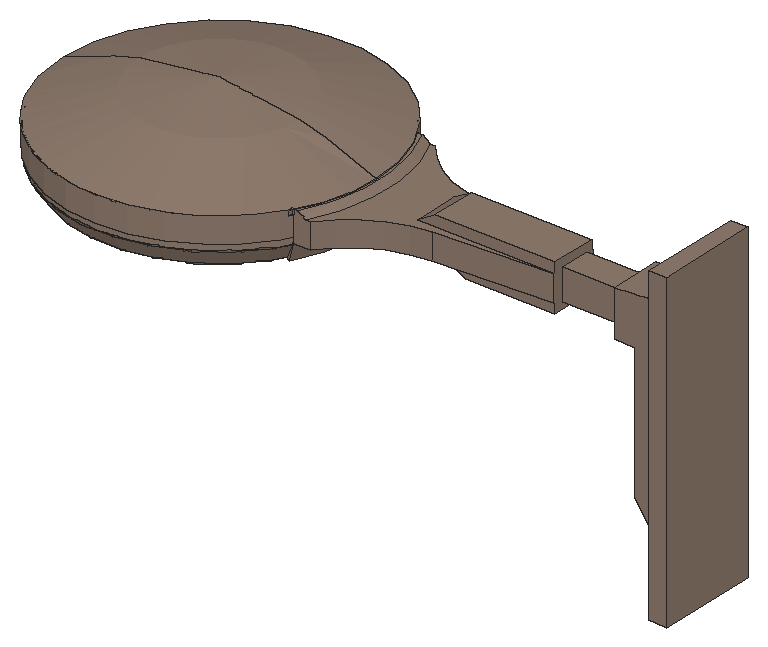
Revit family "LA6322", category Generic Models, Revit 2014
Parameters
  ARM = Bronze, Architectural
Reference planes (in)
  plane 1 "Center (Front/Back)": y = 0
  plane 2: z = 0
  plane 3 "Center (Left/Right)": x = 0
  plane 4: y = 2.5
  plane 5: y = -2.5
Forms (in)
  Extrusion 1, solid, material "Bronze, Architectural" <- "ARM"
    sketch origin (70.67767, 0, 2.66751) x (1, 0, 0) y (0, 0, 1)
      loop
        line (-71.55232, 29.68811) -> (-74.21247, 29.51077) -> (-74.21247, 27.26214) -> (-73.21247, 27.21848) -> (-73.21247, 20.69964) -> (-71.55232, 18.21655) -> (-71.55232, 29.68811)
    from -1.25 to 1.25
  Extrusion 2, solid, material "Bronze, Architectural" <- "ARM"
    sketch origin (0.65977, 0, 15.80466) x (1, 0, 0) y (0, 0, 1)
      loop
        line (-7.77211, 16) -> (-7.77211, 14.5) -> (-3.19457, 14.5) -> (-3.19457, 16) -> (-7.77211, 16)
    from -0.75 to 0.75
  Revolve 3, solid, material "Bronze, Architectural" <- "ARM"
    sketch origin (-23.83419, 0, 24.38728) x (1, 0, 0) y (0, 0, 1)
      loop
        line (-5.425, 6.4028) -> (-5.425, 6.49655) -> (-5.80738, 6.49655)
        arc (-5.80738, 6.49655) -> (-5.89247, 6.46739) -> (-5.9418, 6.39217) r 0.13875
        line (-5.9418, 6.39217) -> (-6.24114, 5.47927) -> (-6.50402, 5.47927) -> (-6.64233, 5.13679) -> (-6.85623, 5.13679) -> (-7.3981, 5.94004) -> (-7.3981, 6.88032) -> (-7.49185, 6.88032) -> (-7.49185, 5.94841)
        arc (-7.49185, 5.94841) -> (-7.48521, 5.91097) -> (-7.46853, 5.87681) r 0.1369
        line (-7.46853, 5.87681) -> (-6.92466, 5.07059)
        arc (-6.92466, 5.07059) -> (-6.90219, 5.05036) -> (-6.87285, 5.04304) r 0.0625
        line (-6.87285, 5.04304) -> (-6.62125, 5.04304)
        arc (-6.62125, 5.04304) -> (-6.5863, 5.05373) -> (-6.5633, 5.08214) r 0.0625
        line (-6.5633, 5.08214) -> (-6.44078, 5.38552) -> (-6.17322, 5.38552) -> (-5.85148, 6.36674)
        arc (-5.85148, 6.36674) -> (-5.83586, 6.39264) -> (-5.80738, 6.4028) r 0.045
        line (-5.80738, 6.4028) -> (-5.425, 6.4028)
      axis (0.02821, 6.88032) -> (0.02821, 5.04304)
    angle from 0 to 360
  Revolve 4, solid, material "Bronze, Architectural" <- "ARM"
    sketch origin (-23.83419, 0, 24.60994) x (1, 0, 0) y (0, 0, 1)
      loop
        line (-7.59911, 7.31982) -> (-7.59911, 6.06972) -> (-7.50536, 6.06972) -> (-7.50536, 7.25888)
        arc (-7.50536, 7.25888) -> (-3.82095, 8.49721) -> (0.02821, 9.03781) r 21.07404
        line (0.02821, 9.03781) -> (0.02821, 9.13167)
        arc (0.02821, 9.13167) -> (-3.87006, 8.58192) -> (-7.59911, 7.31982) r 21.16779
      axis (0.02821, 9.13167) -> (0.02821, 6.06972)
    angle from 0 to 360
  Extrusion 5, solid, material "Bronze, Architectural" <- "ARM"
    sketch origin (7.10017, 38.86475, 44.23645) x (0, -1, 0) y (1, 0, 0)
      loop
        line (40.0593, -13.63532) -> (37.6702, -13.63532) -> (37.30991, -19.31715)
        arc (37.30991, -19.31715) -> (36.64515, -21.62635) -> (35.0711, -23.44201) r 5.58123
        line (35.0711, -23.44201) -> (35.0711, -24.26409)
        arc (35.0711, -24.26409) -> (38.86475, -23.27103) -> (42.6584, -24.26409) r 7.74273
        line (42.6584, -24.26409) -> (42.6584, -23.44201)
        arc (42.6584, -23.44201) -> (41.08435, -21.62635) -> (40.41959, -19.31715) r 5.58123
        line (40.41959, -19.31715) -> (40.0593, -13.63532)
    from -13.80679 to -12.55679
  Extrusion 6, solid, material "Bronze, Architectural" <- "ARM"
    sketch origin (7.10017, 0, 15.77271) x (1, 0, 0) y (0, 0, 1)
      loop
        line (-13.63532, 15.90695) -> (-13.63532, 16.40695) -> (-19.49582, 16.40695) -> (-20.37082, 15.90695) -> (-13.63532, 15.90695)
      loop
        line (-13.63532, 14.65695) -> (-18.87082, 14.65695) -> (-17.99582, 14.15695) -> (-13.63532, 14.15695) -> (-13.63532, 14.65695)
    from -1.125 to 1.125
  Extrusion 7, solid, material "Bronze, Architectural" <- "ARM"
    sketch origin (7.10017, 0, 15.77271) x (1, 0, 0) y (0, 0, 1)
      loop
        line (-20.61304, 14.65695) -> (-21.74057, 14.65695)
        arc (-21.74057, 14.65695) -> (-21.49783, 14.24161) -> (-21.04606, 14.40695) r 0.375
        arc (-21.04606, 14.40695) -> (-20.86304, 14.58996) -> (-20.61304, 14.65695) r 0.5
    from -0.5 to 0.5
  Extrusion 8, solid, material "Bronze, Architectural" <- "ARM"
    sketch origin (7.10017, 0, 15.77271) x (1, 0, 0) y (0, 0, 1)
      loop
        line (-23.2513, 14.65695) -> (-23.69471, 13.65761) -> (-23.19032, 13.65761) -> (-23.01047, 14.21945) -> (-21.37082, 14.21945)
        arc (-21.37082, 14.21945) -> (-21.65723, 14.35239) -> (-21.74057, 14.65695) r 0.375
        line (-21.74057, 14.65695) -> (-23.2513, 14.65695)
    from -0.125 to 0.125
  Sweep 9, solid, material "Bronze, Architectural" <- "ARM"
    path in 3D
      loop
        arc (-17.16392, -3.79365, 31.67966) -> (-16.17087, 0, 31.67966) -> (-17.16392, 3.79365, 31.67966) r 7.74273
    profile origin (-16.17087, 0, 31.67966) x (-1, 0, 0) y (0, 0, 1)
      loop
        line (-0.52045, 0) -> (0.04385, 0) -> (0.04385, 0.25) -> (-0.17636, 0.25) -> (-0.52045, 0)
  Sweep 10, solid, material "Bronze, Architectural" <- "ARM"
    path in 3D
      loop
        arc (-17.16392, 3.79365, 30.42966) -> (-16.17087, 0, 30.42966) -> (-17.16392, -3.79365, 30.42966) r 7.74273
    profile origin (-16.17087, 0, 30.42966) x (-1, 0, 0) y (0, 0, -1)
      loop
        line (-0.01973, 0) -> (0.20291, 0) -> (0.64632, 0.99933) -> (0.42368, 0.99933) -> (-0.01973, 0)
  Extrusion 11, void
    sketch origin (6.09126, 0, 18.39044) x (1, 0, 0) y (0, 1, 0)
      loop
        line (-22.41262, 3.79365) -> (-22.41262, 4.29365) -> (-23.25928, 4.29365) -> (-23.25928, 3.79365) -> (-22.41262, 3.79365)
      loop
        line (-22.30338, -3.79365) -> (-23.37396, -3.79365) -> (-23.37396, -4.29365) -> (-22.30338, -4.29365) -> (-22.30338, -3.79365)
    from 13.28922 to 13.53922
  Extrusion 12, solid, material "Bronze, Architectural" <- "ARM"
    sketch origin (0, 0, 0) x (1, 0, 0) y (0, 0, 1)
      loop
        line (0, 34.40432) -> (-0.875, 34.36611) -> (-0.875, 19.11611) -> (0, 19.07791) -> (0, 34.40432)
    from -2.5 to 2.5
Cuts and joins
  Extrusion 11 cuts Revolve 4
  Extrusion 11 cuts Sweep 9
  joined: Extrusion 5, Extrusion 6, Extrusion 7, Sweep 9
  joined: Extrusion 1, Extrusion 12
Lines and regions (in)
  sketch lines
    curve 1: arc (-17.16392, -3.79365, 31.67966) -> (-16.17087, 0, 31.67966) -> (-17.16392, 3.79365, 31.67966) r 7.74273
    curve 2: arc (-17.16392, 3.79365, 30.42966) -> (-16.17087, 0, 30.42966) -> (-17.16392, -3.79365, 30.42966) r 7.74273
Dimensions and locks (in)
  aligned and locked: plane 2 to level
